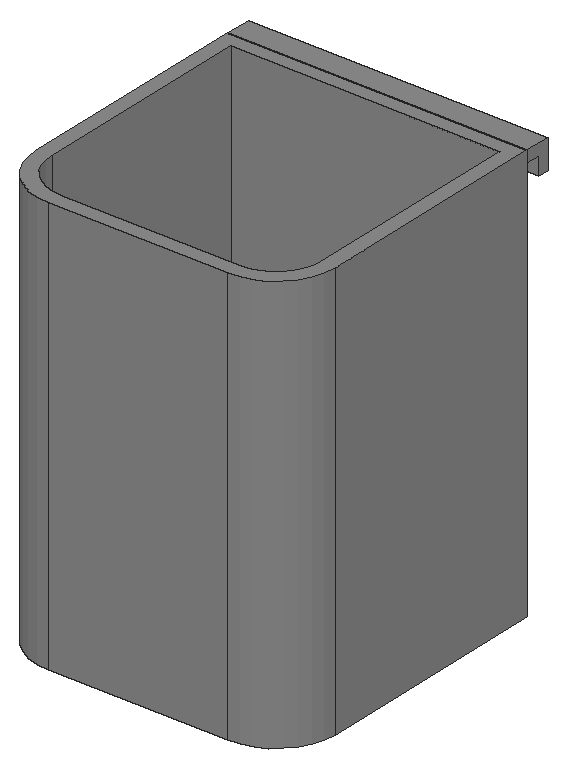
Revit family "Haworth_Belong_Tool_Cup", category Furniture Systems, Revit 2018
Family settings
  Round Connector Dimension = Use Diameter
  Part Type = Normal
  OmniClass Number = 23.40.70.14.64.21
  OmniClass Title = Systems Furniture
  Work Plane-Based = No
  Always vertical = Yes
  Cut with Voids When Loaded = No
  Shared = No
  Room Calculation Point = No
Parameters (values of type "Tool Cup")
  Warranty = "http://www.haworth.com/resources/product-info/warranties"
  URL - Product = "http://www.haworth.com/products/accessories/work-tools/belong"
  URL = "www.haworth.com"
  Sustainability Info = "https://www.haworth.com/na/en/expertise/sustainability.html"
  Size = "Verify Final Dim. w/ Haworth"  # constant formula
  Shelf Finish = Haworth _ Paint _ Graphite
  Revision Number = "2"  # constant formula
  Model = "Haworth - Belong - Tool Cup"  # constant formula
  Manufacturer = "Haworth"  # constant formula
  Description = "Haworth_Belong-Tool_Cup"
  Author = "Haworth (Hampton)"  # constant formula
  Assembly Code = "E2020200"
  Actual Width = 2 1/2"  # constant formula
  Actual Height = 3 1/2"  # constant formula
  Actual Depth = 2 1/2"  # constant formula
Reference planes (in)
  plane 1 "Back": y = 0
  plane 2: z = 0
  plane 3 "Center L/R": x = 6.5
  plane 4 "Bottom": z = 0
  plane 5 "Top": z = 3.5
  plane 6 "Left": x = 5.25
  plane 7 "Right": x = 7.75
  plane 8 "Front": y = -2.5
  plane 9 "Inside Bottom": z = 0.125
  plane 10 "Inside Right": x = 7.625
  plane 11 "Inside Left": x = 5.375
  plane 12 "Center F/B": y = -1.25
  plane 13 "Shelf Lip": z = 3.40625
  plane 14 "Inside Back": y = -0.125
  plane 15 "Lip Bottom": z = 3.25
  plane 16 "Lip Middle": y = 0.125
  plane 17 "Lip Back": y = 0.21875
  plane 18 "Inside Front": y = -2.375
  plane 19 "Back Cup": y = -0.125
Forms (in)
  Extrusion 1, solid, material "Haworth _ Paint _ Graphite" <- "Shelf Finish"
    sketch origin (6.5, 0, -50) x (0, 1, 0) y (0, 0, 1)
      loop
        line (0, 53.40625) -> (0.125, 53.40625) -> (0.125, 53.25) -> (0.21875, 53.25) -> (0.21875, 53.5) -> (0, 53.5) -> (0, 53.40625)
    from -1.25 to 1.25
  Extrusion 2, solid, material "Haworth _ Paint _ Graphite" <- "Shelf Finish"
    sketch origin (0, 0, 0) x (1, 0, 0) y (0, 1, 0)
      loop
        line (5.25, 0) -> (5.25, -0.125) -> (7.75, -0.125) -> (7.75, 0) -> (5.25, 0)
    from 0 to 3.5
  Extrusion 3, solid, material "Haworth _ Paint _ Graphite" <- "Shelf Finish"
    sketch origin (0, 0, 0) x (1, 0, 0) y (0, 1, 0)
      loop
        line (5.375, -0.125) -> (5.25, -0.125) -> (5.25, -2)
        arc (5.25, -2) -> (5.39645, -2.35355) -> (5.75, -2.5) r 0.5
        line (5.75, -2.5) -> (7.25, -2.5)
        arc (7.25, -2.5) -> (7.60355, -2.35355) -> (7.75, -2) r 0.5
        line (7.75, -2) -> (7.75, -0.125) -> (7.625, -0.125) -> (7.625, -2)
        arc (7.625, -2) -> (7.51517, -2.26517) -> (7.25, -2.375) r 0.375
        line (7.25, -2.375) -> (5.75, -2.375)
        arc (5.75, -2.375) -> (5.48483, -2.26517) -> (5.375, -2) r 0.375
        line (5.375, -2) -> (5.375, -0.125)
    from 0 to 3.5
  Extrusion 4, solid, material "Haworth _ Paint _ Graphite" <- "Shelf Finish"
    sketch origin (0, 0, 0) x (1, 0, 0) y (0, 1, 0)
      loop
        line (5.375, -0.125) -> (5.375, -2)
        arc (5.375, -2) -> (5.48483, -2.26517) -> (5.75, -2.375) r 0.375
        line (5.75, -2.375) -> (7.25, -2.375)
        arc (7.25, -2.375) -> (7.51517, -2.26517) -> (7.625, -2) r 0.375
        line (7.625, -2) -> (7.625, -0.125) -> (5.375, -0.125)
    from 0 to 0.125
Cuts and joins
  joined: Extrusion 2, Extrusion 3, Extrusion 4
Lines and regions (in)
  Masking region 1
    outline origin (0, 0, 0) x (1, 0, 0) y (0, 1, 0)
      loop
        line (5.25, 0) -> (5.25, -2)
        arc (5.25, -2) -> (5.39645, -2.35355) -> (5.75, -2.5) r 0.5
        line (5.75, -2.5) -> (7.25, -2.5)
        arc (7.25, -2.5) -> (7.60355, -2.35355) -> (7.75, -2) r 0.5
        line (7.75, -2) -> (7.75, 0) -> (5.25, 0)
Dimensions and locks (in)
  "Actual Height": plane 5 "Top" to plane 4 "Bottom"
  equal spacing: plane 7 "Right", plane 3 "Center L/R", plane 6 "Left"
  "Actual Width": plane 7 "Right" to plane 6 "Left"
  "Actual Depth": plane 8 "Front" to plane 1 "Back"
  plane 11 "Inside Left" to plane 6 "Left" = 1/8"
  plane 7 "Right" to plane 10 "Inside Right" = 1/8"
  equal spacing: plane 8 "Front", plane 12 "Center F/B", plane 1 "Back"
  plane 14 "Inside Back" to plane 1 "Back" = 1/8"
  plane 1 "Back" to plane 16 "Lip Middle" = 1/8"
  plane 16 "Lip Middle" to plane 17 "Lip Back" = 3/32"
  locked: plane 5 "Top" to plane 13 "Shelf Lip" at 0.09375
  locked: plane 13 "Shelf Lip" to plane 15 "Lip Bottom" at 0.15625
  plane 18 "Inside Front" to plane 8 "Front" = 1/8"
  plane 19 "Back Cup" to plane 1 "Back" = 1/8"
  aligned and locked: Extrusion 1 to plane 6 "Left"
  aligned and locked: plane 7 "Right" to Extrusion 1
  aligned and locked: plane 6 "Left" to Extrusion 2 sketch curve
  aligned and locked: Extrusion 2 sketch curve to plane 7 "Right"
  aligned and locked: plane 19 "Back Cup" to Extrusion 2 sketch curve
  aligned and locked: plane 1 "Back" to Extrusion 2 sketch curve
  aligned and locked: Extrusion 3 to level
  aligned and locked: plane 5 "Top" to Extrusion 3
  aligned and locked: Extrusion 2 to level
  aligned and locked: plane 5 "Top" to Extrusion 2
  aligned and locked: plane 9 "Inside Bottom" to Extrusion 4
  aligned and locked: Extrusion 4 to level
  aligned and locked: Extrusion 1 to plane 17 "Lip Back"
  aligned and locked: plane 7 "Right" to Masking region 1
  aligned and locked: Masking region 1 to plane 8 "Front"
  aligned and locked: Masking region 1 to plane 6 "Left"
  aligned and locked: Extrusion 2 to plane 1 "Back"
  aligned and locked: plane 7 "Right" to Extrusion 3
  aligned and locked: Extrusion 3 to plane 10 "Inside Right"
  aligned and locked: plane 18 "Inside Front" to Extrusion 3
  aligned and locked: Extrusion 3 to plane 8 "Front"
  aligned and locked: plane 11 "Inside Left" to Extrusion 3
  aligned and locked: Extrusion 3 to plane 6 "Left"
  aligned and locked: Extrusion 3 to Extrusion 2
  aligned and locked: Masking region 1 to cut or joined group of Extrusion 2, Extrusion 3, Extrusion 4
  aligned and locked: Extrusion 3 to Extrusion 4
  aligned and locked: Extrusion 3 to plane 2
  aligned and locked: Extrusion 4 to plane 2
  aligned and locked: plane 10 "Inside Right" to Extrusion 4
  aligned and locked: Extrusion 4 to plane 11 "Inside Left"
Automatic sketch dimensions
  Extrusion 1 sketch curve to plane 1 "Back" = 0"
  Extrusion 1 sketch curve to plane 13 "Shelf Lip" = 0"
  Extrusion 1 sketch curve to plane 16 "Lip Middle" = 0"
  Extrusion 1 sketch curve to plane 5 "Top" = 0"
  Extrusion 1 sketch curve to plane 17 "Lip Back" = 0"
  Extrusion 1 sketch curve to plane 15 "Lip Bottom" = 0"
  Masking region 1 sketch curve to plane 6 "Left" = 0"
  Masking region 1 sketch curve to plane 8 "Front" = 0"
  plane 1 "Back" to Masking region 1 sketch curve = 0"
  Masking region 1 sketch curve to plane 7 "Right" = 0"
  plane 11 "Inside Left" to Masking region 1 sketch curve = 3/8"
  Masking region 1 sketch curve to plane 10 "Inside Right" = 3/8"
  Extrusion 3 sketch curve to Extrusion 3 sketch curve = 0"  (x3)
  Extrusion 3 sketch curve to plane 6 "Left" = 0"
  Extrusion 3 sketch curve to plane 11 "Inside Left" = 0"
  Extrusion 3 sketch curve to plane 18 "Inside Front" = 0"
  Extrusion 3 sketch curve to plane 8 "Front" = 0"
  Extrusion 3 sketch curve to plane 10 "Inside Right" = 0"
  plane 14 "Inside Back" to Extrusion 3 sketch curve = 0"  (x2)
  plane 11 "Inside Left" to Extrusion 3 sketch curve = 3/8"
  Extrusion 3 sketch curve to plane 10 "Inside Right" = 3/8"
  Extrusion 4 sketch curve to plane 11 "Inside Left" = 0"
  plane 14 "Inside Back" to Extrusion 4 sketch curve = 0"
  plane 18 "Inside Front" to Extrusion 4 sketch curve = 3/8"
  Extrusion 4 sketch curve to plane 18 "Inside Front" = 0"
  Extrusion 4 sketch curve to plane 10 "Inside Right" = 3/8"
  Extrusion 4 sketch curve to plane 10 "Inside Right" = 0"
